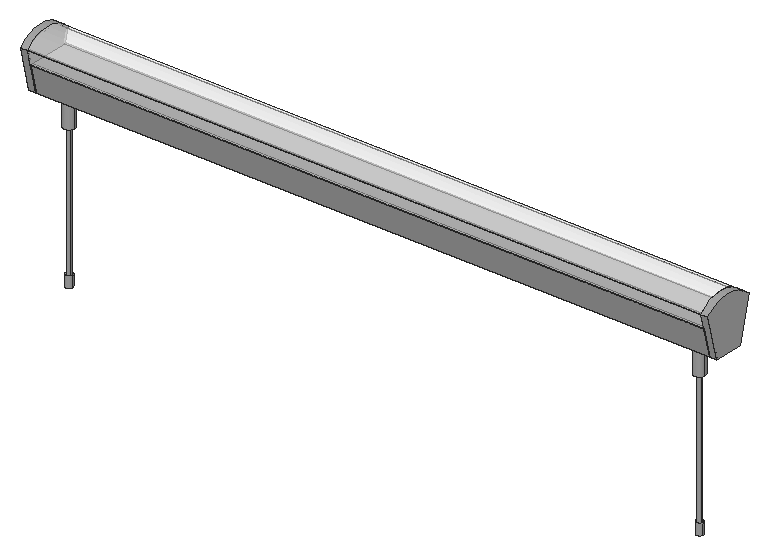
Revit family "67L-P-Bell", category Lighting Fixtures, host Face, Revit 2013
Parameters (values of type "Note 67L-Machined Aluminium")
  Width = 48.000"
  Watts = 16 W
  Wattage Comments = "4.5-16 W"  # constant formula
  Wattage = 16 W
  built-in parameter 1150110 = 1 (stored number, unit not read)
  Voltage = 120 V
  URL = "http://www.litecontrol.com/"
  built-in parameter 1114217 = 1 (stored number, unit not read)
  Tilt Angle = -90.00°
  built-in parameter 1150109 = 1 (stored number, unit not read)
  built-in parameter 1150134 = (empty or 0)
  built-in parameter 1150113 = 1 (stored number, unit not read)
  Reflector Finish = Glass - Hubbell - White
  Product Page URL = "http://www.litecontrol.com/products/note_67l"
  Product Material = Paint - Hubbell - Machined Aluminum
  Product Documentation Link = "http://cdn.litecontrol.com/content/products/specs/specs_files/67L-P-D.pdf"
  Photometric Web File = "67L-P-D-4-4-BL-C1-35K-D055.IES"
  Photometric Notes = "Photometric web Download in below link"  # constant formula
  Photometric Link = "http://www.hubbelllighting.com/resources/photometry/?p=LITECONTROL/Pendant/67L-P-D/"
  Pendent Height = 12.000"
  Model = "67L-P-D"  # constant formula
  Manufacturer Phone = "781-294-0100"  # constant formula
  Manufacturer Fax = "781-293-2849"  # constant formula
  Manufacturer = "Litecontrol"  # constant formula
  built-in parameter 1150105 = 2291.8 (stored number, unit not read)
  Lumens = 28800 lm
  built-in parameter 1150115 = 1 (stored number, unit not read)
  Load Classification = Lighting
  built-in parameter 1150137 = (empty or 0)
  built-in parameter 1150139 = (empty or 0)
  built-in parameter 1150112 = 1 (stored number, unit not read)
  built-in parameter 1150114 = 1 (stored number, unit not read)
  Lamp = "LED 1800 lumens/ft"  # constant formula
  built-in parameter 1150132 = (empty or 0)
  built-in parameter 1150102 = (empty or 0)
  built-in parameter 1150107 = 3500 (stored number, unit not read)
  built-in parameter 1150138 = (empty or 0)
  built-in parameter 1150106 = 22.918 (stored number, unit not read)
  Frequency = 60 Hz  # constant formula
  Emit from Rectangle Width = 2.000"
  Emit from Rectangle Length = (Width - 1.000")  # 47.000"
  Emit Shape Visible in Rendering = no
  built-in parameter 1150104 = 167.23 (stored number, unit not read)
  Dimming Lamp Color Temperature Shift = <None>
  Description = "The NOTE 67L Pendant brings direct illumination, performance and versatility, all within a slim profile and a fresh, contemporary style."  # constant formula
  Default Elevation = 48.000"
  Color Filter = 16777215
  built-in parameter 1114218 = 1 (stored number, unit not read)
  built-in parameter 1150133 = 10 (stored number, unit not read)
  Apparent Load = 0 VA
Types (7): name | Product Material
  (no name) | Paint - Hubbell - Machined Aluminum
  Note 67L-Textured Matte White | Paint - Hubbell - Textured Matte White
  Note 67L-Matte White | Paint - Hubbell - Matte White
  Note 67L-Light Silver | Paint - Hubbell - Light Silver
  Note 67L-Machined Aluminium | Paint - Hubbell - Machined Aluminum
  Note 67L-Carbon Black | Paint - Hubbell - Carbon Black
  Note 67L-Textured Camera Black | Paint - Hubbell - Textured Camera Black
Reference planes (in)
  plane 1 "Center (Front/Back)": y = 0
  plane 2: z = 0
  plane 3 "Center (Left/Right)": x = 0
  plane 4: x = -22
  plane 5: z = 12
  plane 6: x = 22
  plane 7: x = -24
  plane 8: x = 24
  plane 9: z = 14
Forms (in)
  Revolve 1, solid, material "Paint - Hubbell - Machined Aluminum" <- "Product Material"
    sketch origin (0, 0, 0) x (1, 0, 0) y (0, 0, 1)
      loop
        line (-21.76618, 0) -> (-21.76618, 0.75) -> (-21.86618, 0.75) -> (-21.86618, 10) -> (-21.61618, 10) -> (-21.61618, 12) -> (-22, 12) -> (-22, 0) -> (-21.76618, 0)
      axis (-22, 12) -> (-22, 0)
    angle from 0 to 360
  Revolve 2, solid, material "Paint - Hubbell - Machined Aluminum" <- "Product Material"
    sketch origin (0, 0, 0) x (-1, 0, 0) y (0, 0, 1)
      loop
        line (-21.76618, 0) -> (-21.76618, 0.75) -> (-21.86618, 0.75) -> (-21.86618, 10) -> (-21.61618, 10) -> (-21.61618, 12) -> (-22, 12) -> (-22, 0) -> (-21.76618, 0)
      axis (-22, 12) -> (-22, 0)
    angle from 0 to 360
Dimensions and locks (in)
  "Pendent Height": plane 5 to host face
  locked: plane 5 to Revolve 1 sketch curve at 2
  locked: Revolve 1 sketch curve to host face at 0.75
  equal spacing: plane 6, plane 3 "Center (Left/Right)", plane 4
  locked: plane 4 to plane 7 at 2
  locked: plane 6 to plane 8 at 2
  "Width": plane 8 to plane 7
  locked: plane 9 to plane 5 at 2
  aligned and locked: plane 2 to host face
  aligned and locked: level to host face
  aligned and locked: plane 2 to Revolve 1 sketch curve
  aligned and locked: Revolve 1 sketch curve to plane 4
  aligned and locked: plane 5 to Revolve 1
  aligned and locked: plane 5 to Revolve 2
  aligned and locked: Revolve 2 sketch curve to Revolve 2 sketch curve
  aligned and locked: Revolve 1 to Revolve 2  (x2)
  aligned and locked: Revolve 2 to host face
  aligned and locked: plane 3 "Center (Left/Right)" to imposter light
  aligned and locked: nested 1 to plane 3 "Center (Left/Right)"
  aligned and locked: nested 1 to plane 1 "Center (Front/Back)"
  aligned and locked: plane 9 to imposter light
Automatic sketch dimensions
  host sketch curve to host sketch curve = 96.000"  (x2)
  Revolve 1 sketch curve to plane 4 = 0.000"
  Revolve 1 sketch curve to plane 5 = 0.000"
  plane 4 to Revolve 1 sketch curve = 0.13382"
  Revolve 1 sketch curve to Revolve 1 sketch curve = 0.100"
  Revolve 1 sketch curve to Revolve 1 sketch curve = 0.250"
  Revolve 1 sketch curve to level = 16.89225"
  Revolve 1 sketch curve to Revolve 1 sketch curve = 1.13733"
  plane 6 to Revolve 2 sketch curve = 0.000"
  Revolve 2 sketch curve to level = 0.000"
  Revolve 2 sketch curve to plane 5 = 0.000"
  Revolve 2 sketch curve to plane 6 = 0.13382"
  Revolve 2 sketch curve to Revolve 2 sketch curve = 0.100"
  Revolve 2 sketch curve to Revolve 2 sketch curve = 0.250"
  Revolve 2 sketch curve to Revolve 2 sketch curve = 16.89225"
  Revolve 2 sketch curve to level = 0.750"
  Revolve 2 sketch curve to plane 5 = 2.000"
  Revolve 2 sketch curve to Revolve 2 sketch curve = 2.64693"
Nested families (in)
  nested 1: "Bell Light" at (-2.04767, 0.03999, 12) x (-1, 0, 0) z (0, 0, 1), Row Length <- "Width", Glass <- "Reflector Finish", Backbox <- "Product Material", type "Bell Light"
    with Row Length 48.000", Glass Glass - Hubbell - White, Backbox Paint - Hubbell - Machined Aluminum
Connectors (in)
  electrical at (22, 0, 12), driven by "Voltage", driven by "Apparent Load", driven by "Load Classification"
    settings: on Revolve 2, index 1, voltage 120 V, apparent load 0 VA, apparent load phase1 0 VA, apparent load phase2 0 VA, apparent load phase3 0 VA, power factor 1, load classification "Lighting", number of poles 1, system type 30, power factor state 1, is connector primary yes, connector utility no, sub classification motor no, connector description "Lighting Connector"
Definition of nested family "Bell Light"
  Parameters (values of type "67L-P-D Bell Light")
    Wattage Comments = ""
    URL = ""
    Row Length [instance] = 24.000"
    Product Page URL = ""
    Product Documentation Link = ""
    Model = ""
    Manufacturer Phone = ""
    Manufacturer Fax = ""
    Manufacturer = ""
    Lamp = ""
    Glass [instance] = none
    Description = ""
    Default Elevation = 48.000"
    Backbox [instance] = none
  Reference planes (in)
    plane 1 "Center (Front/Back)": y = 0.03999
    plane 2: z = 0
    plane 3 "Center (Left/Right)": x = -2.04767
    plane 4: x = -14.04767
    plane 5: x = 9.95233
    plane 6: x = -13.54767
    plane 7: x = 9.45233
    plane 8: z = 3.7
    plane 9: y = -1.71001
    plane 10: y = 1.78999
    plane 11: z = 2
    plane 12: y = -0.96001
    plane 13: y = 1.03999
  Forms (in)
    Extrusion 1, solid
      sketch origin (0, 0, 0.06357) x (1, 0, 0) y (0, 1, 0)
        loop
          line (-48, 48) -> (-48, -48) -> (48, -48) -> (48, 48) -> (-48, 48)
      from -0.06357 to -6.06357
    Extrusion 2, solid, material <- "Backbox"
      sketch origin (-2.04767, 0, 0) x (0, 1, 0) y (0, 0, 1)
        loop
          line (-0.96001, 0) -> (1.0439, 0) -> (1.78999, 2.98437)
          arc (1.78999, 2.98437) -> (0.04194, 3.7) -> (-1.7061, 2.98437) r 2.49278
          line (-1.7061, 2.98437) -> (-0.96001, 0)
      from 11.5 to 12
    Extrusion 3, solid, material <- "Backbox"
      sketch origin (-2.04767, 0, 0) x (0, 1, 0) y (0, 0, 1)
        loop
          line (-0.96001, 0) -> (1.0439, 0) -> (1.78999, 2.98437)
          arc (1.78999, 2.98437) -> (0.04194, 3.7) -> (-1.7061, 2.98437) r 2.49278
          line (-1.7061, 2.98437) -> (-0.96001, 0)
      from -11.5 to -12
    Extrusion 4, solid, material <- "Glass"
      sketch origin (-2.04767, 0, 0) x (0, 1, 0) y (0, 0, 1)
        loop
          line (1.5439, 2) -> (1.78999, 2.98437)
          arc (1.78999, 2.98437) -> (0.04194, 3.7) -> (-1.7061, 2.98437) r 2.49278
          line (-1.7061, 2.98437) -> (-1.46001, 2) -> (-1.33116, 2) -> (-1.56721, 2.94418)
          arc (-1.56721, 2.94418) -> (0.04194, 3.575) -> (1.65109, 2.94418) r 2.36778
          line (1.65109, 2.94418) -> (1.41505, 2) -> (1.5439, 2)
      from -11.5 to 11.5
    Extrusion 5, solid, material <- "Backbox"
      sketch origin (-2.04767, 0, 0) x (0, 1, 0) y (0, 0, 1)
        loop
          line (-0.96001, 0) -> (1.0439, 0) -> (1.5439, 2) -> (-1.46001, 2) -> (-0.96001, 0)
      from -11.5 to 11.5
  Dimensions and locks (in)
    equal spacing: plane 5, plane 3 "Center (Left/Right)", plane 4
    plane 6 to plane 4 = 0.500"
    "Row Length": plane 5 to plane 4
    equal spacing: plane 7, plane 3 "Center (Left/Right)", plane 6
    locked: plane 8 to Extrusion 1 at 3.7
    locked: plane 1 "Center (Front/Back)" to plane 9 at 1.75
    locked: plane 10 to plane 9 at 3.5
    locked: plane 13 to plane 12 at 2
    aligned and locked: plane 2 to Extrusion 1
    aligned and locked: level to Extrusion 1
    aligned and locked: plane 5 to Extrusion 2
    aligned and locked: Extrusion 2 to plane 7
    aligned and locked: plane 7 to Extrusion 5
    aligned and locked: Extrusion 5 to plane 6
    aligned and locked: Extrusion 3 to plane 4
    aligned and locked: plane 6 to Extrusion 3
    aligned and locked: Extrusion 5 sketch curve to level
    aligned and locked: Extrusion 5 to Extrusion 3 sketch curve
    aligned and locked: Extrusion 2 sketch curve to Extrusion 3  (x2)
    aligned and locked: Extrusion 4 to plane 6
    aligned and locked: plane 7 to Extrusion 4
    aligned and locked: Extrusion 3 to Extrusion 2 sketch curve
    aligned and locked: Extrusion 2 to Extrusion 5
    aligned and locked: Extrusion 5 to Extrusion 2
    aligned and locked: plane 11 to Extrusion 5
    aligned and locked: Extrusion 3 to Extrusion 4 sketch curve
    aligned and locked: Extrusion 4 sketch curve to Extrusion 3  (x2)
  Automatic sketch dimensions
    Extrusion 1 sketch curve to Extrusion 1 sketch curve = 96.000"  (x2)
    Extrusion 2 sketch curve to plane 10 = 0.74609"
    Extrusion 5 sketch curve to plane 9 = 0.250"
    Extrusion 5 sketch curve to plane 9 = 0.750"
    Extrusion 5 sketch curve to plane 10 = 0.74609"
    Extrusion 5 sketch curve to plane 10 = 0.24609"
    Extrusion 5 sketch curve to plane 8 = 1.700"
    plane 11 to Extrusion 4 sketch curve = 0.000"  (x2)
    Extrusion 4 sketch curve to Extrusion 4 sketch curve = 0.12885"  (x2)
    Extrusion 4 sketch curve to plane 10 = 0.1389"
    Extrusion 3 sketch curve to plane 10 = 0.000"
    Extrusion 3 sketch curve to plane 10 = 0.74609"
    Extrusion 3 sketch curve to plane 1 "Center (Front/Back)" = 0.00195"
    Extrusion 3 sketch curve to plane 9 = 0.750"
    Extrusion 3 sketch curve to plane 9 = 0.00391"
    plane 11 to Extrusion 3 sketch curve = 0.79277"
    Extrusion 3 sketch curve to plane 8 = 0.71562"
    Extrusion 2 sketch curve to plane 10 = 0.000"
    Extrusion 4 sketch curve to Extrusion 4 sketch curve = 0.0402"  (x2)
    Extrusion 4 sketch curve to Extrusion 4 sketch curve = 0.000"  (x2)
